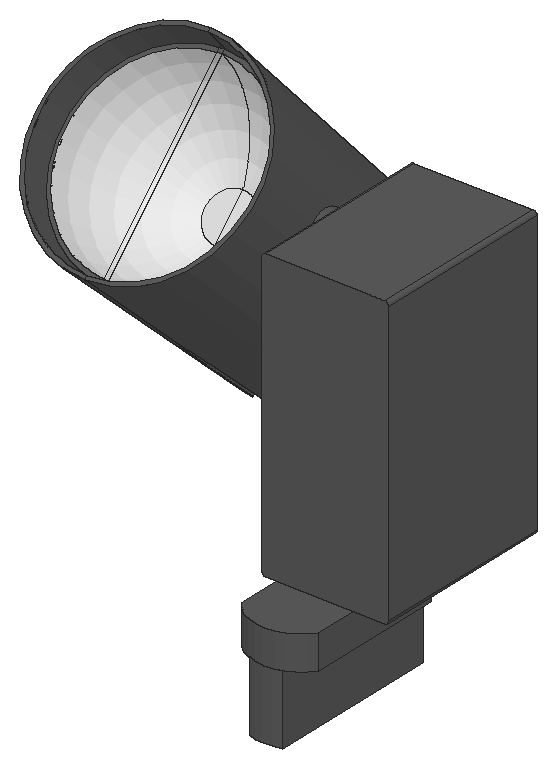
Revit family "0004941 Feilo Sylvania Lighting Fixture START TRACK SPOT S DALI 1944LM 930 MB BLK", category Lighting Fixtures, host Face, Revit 2017 (continued)
Definition of nested family "Start Track Spot Head"
  Types (96, lengths in mm): name | Wattage | built-in parameter 1150134 | Photometric Web File | Model | built-in parameter 1150105 | Lumens | built-in parameter 1150107 | built-in parameter 1150106 | HeadThickness_FEILO | HeadRibOffset_FEILO | HeadRibDepth_FEILO | HeadRibCutWidth_FEILO | HeadRibCutOffset_FEILO | HeadReflectorRadius_FEILO | HeadReflectorOffset_FEILO | HeadLEDRadius_FEILO | HeadHeight_FEILO | HeadDiffusorOffset_FEILO | HeadDiaOut_FEILO | HeadDiaIn_FEILO | HeadAxisFromTop_FEILO | Emit from Circle Diameter | built-in parameter 1150104 | Description | Apparent Load
    0004812 START TRACK SPOT S 14W 3K RA80 MB WHITE | 14 W | (empty or 0) | "0004812.ies" | "START TRACK SPOT S 14W 3K RA80 MB WHITE" | 120.32 (stored number, unit not read) | 1512 lm | 3000 (stored number, unit not read) | 1.2032 (stored number, unit not read) | 1.5 | 4.179 | 55.714 | 7.167 | 50.87 | 50.588 | 55.714 | 9.556 | 117 | 9.435 | 86 | 77.477 | 69.354 | 77.477 | 10.034 (stored number, unit not read) | "Integrated LED spotlight, Textured White - RAL9016, compact and minimalist design, ideal for retail applications, die-cast aluminium body, passive cooling heatsink. Beam angle: 36°, color temperature: 3000K , total system power: 14W, total fixture output: 1508 lm, LOR: 100%, colour rendering: Ra: 80 typical, LED Chromaticity: 3 step MacAdam ellipse, lifetime: >50000 hours at L70B50, energy class: A++, A+, A, IR/UV free light source without heat radiation, operating voltage: 220-240V / 50-60Hz, drive current: 350mA, electronic driver, non-dimmable, power factor: 0.92, electrical protection: Class II, Global Track 3 Phase adapter suitable for Global trac 3-circuit tracks, ingress protection rating: IP20, suitable for internal environment only, horizontal rotation: 355°, vertical tilt: 90°, dimensions: Ø86x140x200, weight: 0.940kg." | 14 VA
    0004811 START TRACK SPOT S 14W 3K RA80 NB WHITE | 14 W | (empty or 0) | "0004811.ies" | "START TRACK SPOT S 14W 3K RA80 NB WHITE" | 123.66 (stored number, unit not read) | 1554 lm | 3000 (stored number, unit not read) | 1.2366 (stored number, unit not read) | 1.5 | 4.179 | 55.714 | 7.167 | 50.87 | 50.588 | 55.714 | 9.556 | 117 | 9.435 | 86 | 77.477 | 69.354 | 77.477 | 10.312 (stored number, unit not read) | "Integrated LED spotlight, Textured White - RAL9016, compact and minimalist design, ideal for retail applications, die-cast aluminium body, passive cooling heatsink. Beam angle: 12°, color temperature: 3000K , total system power: 14W, total fixture output: 1551 lm, LOR: 100%, colour rendering: Ra: 80 typical, LED Chromaticity: 3 step MacAdam ellipse, lifetime: >50000 hours at L70B50, energy class: A++, A+, A, IR/UV free light source without heat radiation, operating voltage: 220-240V / 50-60Hz, drive current: 350mA, electronic driver, non-dimmable, power factor: 0.92, electrical protection: Class II, Global Track 3 Phase adapter suitable for Global trac 3-circuit tracks, ingress protection rating: IP20, suitable for internal environment only, horizontal rotation: 355°, vertical tilt: 90°, dimensions: Ø86x140x200, weight: 0.940kg." | 14 VA
  Reference planes
    plane 1 "Center (Front/Back)": y = 0
    plane 2: z = 0
    plane 3 "Center (Left/Right)": x = 0
    plane 4: x = 43
    plane 5: x = -43
    plane 6: x = -38.739
    plane 7: x = 38.739
    plane 8: z = 69.354
    plane 9: z = -47.646
    plane 10: x = -41.5
    plane 11: x = -37.239
    plane 12: z = -38.211
    plane 13: z = -35.211
    plane 14: z = 8.068
    plane 15: x = -9.556
    plane 16: x = -28.667
    plane 17: x = -19.111
    plane 18: x = -27.167
    plane 19: x = -17.611
    plane 20: x = -8.056
    plane 21: z = 13.64
    plane 22: x = -29.667
    plane 23: x = -26.167
    plane 24: x = -20.111
    plane 25: x = -16.611
    plane 26: x = -10.556
    plane 27: x = -7.056
    plane 28: x = -36.239
    plane 29: x = -40.5
    plane 30: z = 65.175
    plane 31: z = 60.997
    plane 32: z = 56.818
    plane 33: z = 18.484
    plane 34: y = -43
    plane 35: y = 43
    plane 36: y = 3.583
    plane 37: y = -3.583
    plane 38: y = -2.583
    plane 39: y = 2.583
    plane 40: y = 46
    plane 41: z = 13.5
    plane 42: z = -13.5
    plane 43: y = 39
    plane 44: x = 4.708
    plane 45: x = -2.458
    plane 46: x = -1.458
    plane 47: x = 1.458
  Forms (mm)
    Extrusion 1, solid
      sketch origin (4.2, 0, 0) x (1, 0, 0) y (0, 1, 0)
        loop
          line (-1219.2, 1219.2) -> (-1219.2, -1219.2) -> (1219.2, -1219.2) -> (1219.2, 1219.2) -> (-1219.2, 1219.2)
      from 0 to -68.017
    Revolve 2, solid, material <- "Material_1_FEILO", detail levels medium+fine
      sketch origin (0, 0, 0) x (1, 0, 0) y (0, 0, 1)
        loop
          line (-43, -47.646) -> (-41.5, -47.646) -> (-40.5, -35.211) -> (-38.739, -35.211)
          arc (-38.739, -35.211) -> (-30.16, -9.517) -> (-9.556, 8.068) r 50.588
          line (-9.556, 8.068) -> (0, 8.068) -> (0, 13.64) -> (-16.611, 13.64) -> (-17.611, 60.997) -> (-19.111, 60.997) -> (-20.111, 13.64) -> (-36.239, 13.64) -> (-37.239, 69.354) -> (-38.739, 69.354) -> (-43, -47.646)
        axis (0, 69.354) -> (0, -47.646)
      angle from 360 to 0
    Extrusion 3, void
      sketch origin (0, 0, 0) x (0, 1, 0) y (0, 0, 1)
        loop
          line (-3.583, 69.354) -> (-2.583, 18.484) -> (1.932, 18.484) -> (2.932, 69.354) -> (-3.583, 69.354)
      from 43 to -43
    Revolve 4, solid, material <- "Material_2_FEILO", detail levels medium+fine
      sketch origin (0, 0, 0) x (1, 0, 0) y (0, 0, 1)
        loop
          line (-41.5, -38.211) -> (0, -38.211) -> (0, -35.211) -> (-41.5, -35.211) -> (-41.5, -38.211)
        axis (0, -35.211) -> (0, -38.211)
      angle from 360 to 0
    Revolve 5, solid, material <- "Material_1_FEILO"
      sketch origin (0, 0, 0) x (0, 1, 0) y (0, 0, 1)
        loop
          line (46, 0) -> (39, 0) -> (39, -13.5) -> (46, -13.5) -> (46, 0)
        axis (39, 0) -> (46, 0)
      angle from 360 to 0
    Revolve 6, solid, material <- "Material_1_FEILO", detail levels medium+fine
      sketch origin (0, 0, 0) x (1, 0, 0) y (0, 0, 1)
        loop
          line (-29.667, 13.64) -> (-26.167, 13.64) -> (-27.167, 65.175) -> (-28.667, 65.175) -> (-29.667, 13.64)
        loop
          line (-10.556, 13.64) -> (-7.056, 13.64) -> (-7.833, 56.818) -> (-9.778, 56.818) -> (-10.556, 13.64)
        axis (0, 65.175) -> (0, 13.64)
      angle from 360 to 0
    Extrusion 7, void
      sketch origin (0, 0, 0) x (1, 0, 0) y (0, 0, 1)
        loop
          line (4.708, 69.354) -> (-2.458, 69.354) -> (-1.458, 13.64) -> (1.458, 13.64) -> (4.708, 69.354)
      from -43 to 43
    Revolve 8, solid, material <- "Material_1_FEILO", detail levels coarse
      sketch origin (0, 0, 0) x (1, 0, 0) y (0, 0, 1)
        loop
          line (0, 69.354) -> (-38.739, 69.354) -> (-43, -47.646) -> (-41.5, -47.646) -> (-40.731, -38.211) -> (0, -38.211) -> (0, 69.354)
        axis (0, 69.354) -> (0, -47.646)
      angle from 360 to 0
  Cuts and joins
    Extrusion 3 cuts Revolve 2
    Extrusion 7 cuts Revolve 6
  Dimensions and locks
    equal spacing: plane 7, plane 3 "Center (Left/Right)", plane 6
    equal spacing: plane 4, plane 3 "Center (Left/Right)", plane 5
    "HeadDiaOut_FEILO": plane 4 to plane 5
    "HeadDiaIn_FEILO": plane 7 to plane 6
    "HeadHeight_FEILO": plane 8 to plane 9
    "HeadThickness_FEILO": plane 10 to plane 5
    "HeadThickness_FEILO": plane 11 to plane 6
    "HeadDiffusorOffset_FEILO": plane 12 to plane 9
    "HeadDiffusorThickness_FEILO": plane 13 to plane 12
    "HeadReflectorOffset_FEILO": plane 14 to plane 9
    "HeadLEDRadius_FEILO": plane 3 "Center (Left/Right)" to plane 15
    "HeadLEDRadius_FEILO": plane 15 to plane 17
    "HeadLEDRadius_FEILO": plane 17 to plane 16
    "HeadThickness_FEILO": plane 18 to plane 16
    "HeadThickness_FEILO": plane 19 to plane 17
    "HeadThickness_FEILO": plane 20 to plane 15
    "HeadRibDepth_FEILO": plane 8 to plane 21
    "HeadDraft_FEILO": plane 16 to plane 22
    "HeadDraft_FEILO": plane 23 to plane 18
    "HeadDraft_FEILO": plane 17 to plane 24
    "HeadDraft_FEILO": plane 25 to plane 19
    "HeadDraft_FEILO": plane 15 to plane 26
    "HeadDraft_FEILO": plane 27 to plane 20
    "HeadDraft_FEILO": plane 29 to plane 10
    "HeadDraft_FEILO": plane 28 to plane 11
    "HeadRibOffset_FEILO": plane 8 to plane 30
    "HeadRibOffset_FEILO": plane 30 to plane 31
    "HeadRibOffset_FEILO": plane 31 to plane 32
    "HeadAxisFromTop_FEILO": plane 8 to plane 2
    "HeadRibCutOffset_FEILO": plane 8 to plane 33
    equal spacing: plane 34, plane 1 "Center (Front/Back)", plane 35
    "HeadDiaOut_FEILO": plane 34 to plane 35
    equal spacing: plane 38, plane 1 "Center (Front/Back)", plane 39
    equal spacing: plane 37, plane 1 "Center (Front/Back)", plane 36
    "HeadRibCutWidth_FEILO": plane 37 to plane 36
    "HeadDraft_FEILO": plane 37 to plane 38
    locked: plane 35 to plane 40 at 3
    equal spacing: plane 41, plane 2, plane 42
    locked: plane 42 to plane 41 at 27
    locked: plane 43 to plane 35 at 4
    equal spacing: plane 45, imposter light, plane 44
    "HeadDraft_FEILO": plane 46 to plane 45
    "HeadRibCutWidth_FEILO": plane 44 to plane 45
    equal spacing: plane 47, plane 3 "Center (Left/Right)", plane 46
    "HeadReflectorRadius_FEILO": radius of Revolve 2 sketch curve
    aligned and locked: plane 2 to Extrusion 1
    aligned and locked: level to Extrusion 1
    aligned and locked: Revolve 2 sketch curve to plane 3 "Center (Left/Right)"  (x2)
    aligned and locked: plane 9 to Revolve 2 sketch curve  (x2)
    aligned and locked: plane 5 to Revolve 2 sketch curve
    aligned and locked: plane 10 to Revolve 2 sketch curve
    aligned and locked: plane 14 to Revolve 2 sketch curve
    aligned and locked: plane 8 to Revolve 2 sketch curve
    aligned and locked: Revolve 2 sketch curve to plane 13
    aligned and locked: plane 12 to Revolve 4 sketch curve
    aligned and locked: plane 3 "Center (Left/Right)" to Revolve 4 sketch curve
    aligned and locked: Revolve 4 sketch curve to plane 10
    aligned and locked: Revolve 4 sketch curve to plane 3 "Center (Left/Right)"
    aligned and locked: plane 12 to imposter light
    aligned and locked: imposter light to plane 1 "Center (Front/Back)"
    aligned and locked: Revolve 5 sketch curve to plane 2
    aligned and locked: plane 43 to Revolve 5 sketch curve
    aligned and locked: plane 42 to Revolve 5 sketch curve
    aligned and locked: Revolve 6 sketch curve to plane 3 "Center (Left/Right)"
    aligned and locked: plane 22 to Revolve 6 sketch curve
    aligned and locked: plane 30 to Revolve 6 sketch curve
    aligned and locked: plane 23 to Revolve 6 sketch curve
    aligned and locked: Revolve 6 sketch curve to plane 21  (x2)
    aligned and locked: plane 21 to Revolve 6 sketch curve
    aligned and locked: plane 17 to Revolve 2 sketch curve
    aligned and locked: plane 19 to Revolve 2 sketch curve
    aligned and locked: plane 31 to Revolve 2 sketch curve
    aligned and locked: plane 21 to Revolve 2 sketch curve
    aligned and locked: Extrusion 3 to plane 8
    aligned and locked: plane 33 to Extrusion 3
    aligned and locked: plane 8 to Extrusion 3 sketch curve
    aligned and locked: Extrusion 3 sketch curve to plane 33
    aligned and locked: Extrusion 3 to plane 5
    aligned and locked: plane 4 to Extrusion 3
    aligned and locked: plane 32 to Revolve 6 sketch curve
    aligned and locked: plane 44 to Extrusion 7 sketch curve
    aligned and locked: Extrusion 7 sketch curve to plane 8
    aligned and locked: plane 46 to Extrusion 7 sketch curve
    aligned and locked: plane 21 to Extrusion 7 sketch curve
    aligned and locked: plane 34 to Extrusion 7
    aligned and locked: Extrusion 7 to plane 35
    aligned and locked: Revolve 4 sketch curve to plane 13
    aligned and locked: Revolve 5 sketch curve to plane 40
    aligned and locked: Revolve 8 sketch curve to plane 3 "Center (Left/Right)"
    aligned and locked: Revolve 8 sketch curve to cut or joined group of Revolve 2, Extrusion 3  (x3)
    aligned and locked: plane 5 to Revolve 8 sketch curve
    aligned and locked: plane 3 "Center (Left/Right)" to Revolve 8 sketch curve
    aligned and locked: plane 12 to Revolve 8 sketch curve
  Automatic sketch dimensions
    Extrusion 1 sketch curve to Extrusion 1 sketch curve = 2438.4 mm  (x2)
    Extrusion 3 sketch curve to plane 37 = 0 mm
    Extrusion 3 sketch curve to plane 38 = 0 mm
    plane 39 to Extrusion 3 sketch curve = 0.651 mm
    Extrusion 3 sketch curve to plane 39 = 0.349 mm
    Revolve 6 sketch curve to plane 16 = 0 mm
    Revolve 6 sketch curve to plane 18 = 0 mm
    Revolve 6 sketch curve to plane 26 = 0 mm
    Revolve 6 sketch curve to plane 27 = 0 mm
    Revolve 6 sketch curve to plane 15 = 0.222 mm
    plane 9 to Revolve 6 sketch curve = 559.103 mm
    Revolve 6 sketch curve to plane 8 = 2535.555 mm
    plane 20 to Revolve 6 sketch curve = 0.222 mm
    Revolve 2 sketch curve to plane 29 = 0 mm
    Revolve 2 sketch curve to plane 6 = 0 mm  (x2)
    Revolve 2 sketch curve to plane 11 = 0 mm
    Revolve 2 sketch curve to plane 21 = 0 mm
    Revolve 2 sketch curve to plane 28 = 0 mm
    Revolve 2 sketch curve to plane 24 = 0 mm
    Revolve 2 sketch curve to plane 25 = 0 mm
    Revolve 2 sketch curve to plane 15 = 0 mm
    Revolve 2 sketch curve to Revolve 2 sketch curve = 557.155 mm
    Revolve 2 sketch curve to plane 8 = 2535.558 mm
    Extrusion 7 sketch curve to plane 45 = 0 mm
    Extrusion 7 sketch curve to plane 47 = 0 mm
    plane 9 to Revolve 4 sketch curve = 559.103 mm
    Revolve 4 sketch curve to plane 8 = 2535.555 mm
    Revolve 5 sketch curve to level = 0 mm
    plane 34 to Revolve 5 sketch curve = 1968.092 mm
    Revolve 5 sketch curve to plane 40 = 1405.763 mm
    Revolve 8 sketch curve to plane 6 = 0 mm
    Revolve 8 sketch curve to plane 29 = 0.231 mm
    plane 9 to Revolve 8 sketch curve = 559.103 mm
    Revolve 8 sketch curve to Revolve 8 sketch curve = 2535.555 mm
Definition of nested family "Start Track Spot Box"
  Parameters (values of type "Type Large White")
    URL = "http://www.feilosylvania.com"
    Type Image = (empty or 0)
    Type Comments = "n/a"
    Small_FEILO = no
    Material_3_FEILO = none
    Model = ""
    Manufacturer = "Feilo Sylvania"
    Keynote = ""
    Material_2_FEILO = none
    Description = ""
    Default Elevation = 1219.2 mm
    Cost = 0
    Material_1_FEILO = none
    BoxWidth_FEILO = 49 mm
    BoxStartAngle_FEILO [instance] = 0.00°
    BoxRadius_FEILO = 1.5 mm
    BoxHeight_FEILO = if(Small_FEILO, 112 mm, 136 mm)  # 136 mm
    BoxEndAngle_FEILO [instance] = BoxStartAngle_FEILO - 180.00°  # -180.00°
    BoxDepth_FEILO = if(Small_FEILO, 71.5 mm, 79 mm)  # 79 mm
    BoxAxisVerticalOffset_FEILO = 16 mm
    BoxAxisOffset_FEILO = BoxHeight_FEILO / 6.8  # 20 mm
    Assembly Code = ""
    Material_4_FEILO = none
  Types (4, lengths in mm): name | Small_FEILO | BoxHeight_FEILO | BoxDepth_FEILO | BoxAxisOffset_FEILO
    Type Large White | no | 136 | 79 | 20
    Type Small White | yes | 112 | 71.5 | 16.471
    Type Small Black | yes | 112 | 71.5 | 16.471
    Type Large Black | no | 136 | 79 | 20
  Reference planes
    plane 1 "Center (Front/Back)": y = 0
    plane 2: z = 0
    plane 3 "Center (Left/Right)": x = 0
    plane 4: x = 24.5
    plane 5: x = -24.5
    plane 6: y = 68
    plane 7: y = -68
    plane 8: z = 39.5
    plane 9: z = -39.5
    plane 10: y = -48
    plane 11: x = 30.5
    plane 12: x = 8.5
    plane 13: x = 21.5
    plane 14: y = 70
    plane 15: y = 72
    plane 16: x = 19.5
  Forms (mm)
    Extrusion 1, solid
      sketch origin (4.2, 0, 0) x (1, 0, 0) y (0, 1, 0)
        loop
          line (-1219.2, 1219.2) -> (-1219.2, -1219.2) -> (1219.2, -1219.2) -> (1219.2, 1219.2) -> (-1219.2, 1219.2)
      from 0 to -68.017
    Extrusion 2, solid, material <- "Material_1_FEILO"
      sketch origin (0, 0, 0) x (1, 0, 0) y (0, 1, 0)
        loop
          arc (-23, 68) -> (-24.061, 67.561) -> (-24.5, 66.5) r 1.5
          line (-24.5, 66.5) -> (-24.5, -66.5)
          arc (-24.5, -66.5) -> (-24.061, -67.561) -> (-23, -68) r 1.5
          line (-23, -68) -> (23, -68)
          arc (23, -68) -> (24.061, -67.561) -> (24.5, -66.5) r 1.5
          line (24.5, -66.5) -> (24.5, 66.5)
          arc (24.5, 66.5) -> (24.061, 67.561) -> (23, 68) r 1.5
          line (23, 68) -> (-23, 68)
      from -39.5 to 39.5
    Revolve 3, solid, not visible
      sketch origin (0, 0, 0) x (1, 0, 0) y (0, 1, 0)
        loop
          line (30.5, -48) -> (24.5, -48) -> (24.5, -68) -> (30.5, -68) -> (30.5, -48)
        axis (30.5, -48) -> (24.5, -48)
      angle from 0 <- "BoxStartAngle_FEILO" to -180 <- "BoxEndAngle_FEILO"
    Revolve 4, solid, material <- "Material_2_FEILO"
      sketch origin (0, 0, 0) x (1, 0, 0) y (0, 1, 0)
        loop
          line (8.5, 68) -> (19.5, 68) -> (19.5, 70) -> (21.5, 70) -> (21.5, 72) -> (8.5, 72) -> (8.5, 68)
        axis (8.5, 72) -> (8.5, 68)
      angle from 360 to 0
  Dimensions and locks
    equal spacing: plane 5, plane 3 "Center (Left/Right)", plane 4
    "BoxWidth_FEILO": plane 5 to plane 4
    equal spacing: plane 7, plane 1 "Center (Front/Back)", plane 6
    "BoxHeight_FEILO": plane 7 to plane 6
    equal spacing: plane 8, plane 2, plane 9
    "BoxDepth_FEILO": plane 8 to plane 9
    "BoxAxisOffset_FEILO": plane 7 to plane 10
    locked: plane 4 to plane 11 at 6
    "BoxAxisVerticalOffset_FEILO": plane 12 to plane 4
    locked: plane 12 to plane 13 at 13
    plane 6 to plane 14 to plane 15 = 2 mm locked, 2 mm locked
    locked: plane 12 to plane 16 at 11
    "BoxRadius_FEILO": radius of Extrusion 2 sketch curve  (x4)
    aligned and locked: plane 2 to Extrusion 1
    aligned and locked: level to Extrusion 1
    aligned and locked: plane 6 to Extrusion 2 sketch curve
    aligned and locked: plane 5 to Extrusion 2 sketch curve
    aligned and locked: Extrusion 2 sketch curve to plane 7
    aligned and locked: Extrusion 2 sketch curve to plane 4
    aligned and locked: Extrusion 2 to plane 8
    aligned and locked: plane 9 to Extrusion 2
    aligned and locked: Revolve 3 sketch curve to plane 10  (x2)
    aligned and locked: plane 11 to Revolve 3 sketch curve
    aligned and locked: Revolve 3 sketch curve to plane 4
    aligned and locked: plane 7 to Revolve 3 sketch curve
    aligned and locked: Revolve 4 sketch curve to plane 12
    aligned and locked: plane 6 to Revolve 4 sketch curve
    aligned and locked: plane 12 to Revolve 4 sketch curve
    aligned and locked: plane 15 to Revolve 4 sketch curve
    aligned and locked: Revolve 4 sketch curve to plane 13
    aligned and locked: Revolve 4 sketch curve to plane 14
    aligned and locked: Revolve 4 sketch curve to plane 16
    aligned and locked: Revolve 4 sketch curve to plane 6
  Automatic sketch dimensions
    Extrusion 1 sketch curve to Extrusion 1 sketch curve = 2438.4 mm  (x2)
    Revolve 3 sketch curve to plane 5 = 1499.5 mm
    plane 11 to Revolve 3 sketch curve = 1493.5 mm
    plane 15 to Revolve 4 sketch curve = 0 mm
    plane 7 to Revolve 4 sketch curve = 1456 mm
    Revolve 4 sketch curve to plane 15 = 1452 mm
